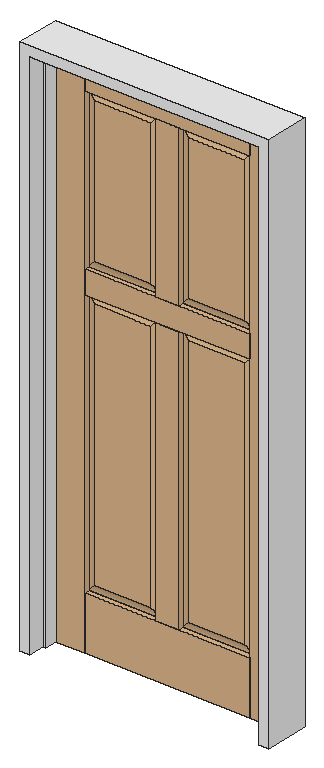
Revit family
Parameters (values of type "2 1/4" Raised Panel")
  URL = "http://www.karonadoor.com"
  Thickness Note = "Do not edit thickness."  # constant formula
  Thickness = 2.250"
  Swing Angle 2D = 90.00°
  SmartBIM Object Version = 1  # constant formula
  SmartBIM Object Created By = "Reed Construction Data"  # constant formula
  Rough Width = 0.000"
  Rough Height = 0.000"
  Panel = Panel_K5410_Karona : 2 1/4" - Raised Panel
  Model = "K5410 Square"  # constant formula
  Manufacturer = "Karona , Inc."  # constant formula
  Detail Door Thickness = 2.250"
  Assembly Code = ""
  Top Rail Height = 5.000"
  Top Rail = Wood, Cherry - Grain Horizontal
  Stile Width = 5.063"
  Stile = Wood, Cherry - Grain Vertical
  Sticking = Wood, Cherry - Grain Vertical
  Middle Rail = Wood, Cherry - Grain Horizontal
  Height = 84.000"
  Wall Closure = (empty or 0)
  Width = 36.000"
  Frame = Metal
  Bottom Rail Height = 8.500"
  Bottom Rail = Wood, Cherry - Grain Horizontal
  95 CSI = "08210"  # constant formula
  04 CSI = "08 14 33"  # constant formula
Types (9): name | Thickness | Rough Height | Panel | Detail Door Thickness
  1 3/4" Flat Panel | 1.774" | 1.750" | Panel_K5410_Karona : 1 3/4" - Flat Panel | 1.750"
  1 3/8" Flat Panel | 1.334" | 0.000" | Panel_K5410_Karona : 1 3/8" - Flat Panel | 1.375"
  2 1/4" Flat Panel | 2.250" | 0.000" | Panel_K5410_Karona : 2 1/4" - Flat Panel | 2.250"
  1 3/4" Glass Panel | 1.774" | 1.750" | Panel_K5410_Karona : 1 3/4" - Glass Panel | 1.750"
  1 3/8" Glass Panel | 1.334" | 0.000" | Panel_K5410_Karona : 1 3/8" - Glass Panel | 1.375"
  2 1/4" Glass Panel | 2.250" | 0.000" | Panel_K5410_Karona : 2 1/4" - Glass | 2.250"
  1 3/4" Raised Panel | 1.774" | 1.750" | Panel_K5410_Karona : 1 3/4" - Raised Panel | 1.750"
  1 3/8" Raised Panel | 1.334" | 0.000" | Panel_K5410_Karona : 1 3/8" - Raised Panel | 1.375"
  2 1/4" Raised Panel | 2.250" | 0.000" | Panel_K5410_Karona : 2 1/4" - Raised Panel | 2.250"
Reference planes (in)
  plane 1 "Center (Front/Back)": y = 0
  plane 2 "Center (Left/Right)": x = 0
  plane 3 "Left": x = -18
  plane 4 "Right": x = 18
  plane 5 "Top": z = 84
  plane 6 "Exterior Edge of Frame": y = 3.5
  plane 7 "Interior Edge of Frame": y = -3.5
  plane 8: y = 1
  plane 9: y = -1
  plane 10 "Opening Left": x = -19.5
  plane 11 "Opening Right": x = 19.5
  plane 12 "Top of Opening": z = 85.5
  plane 13: x = -17.5
Forms (in)
  Sweep 1, solid, material "Metal" <- "Frame"
    path origin (0, 0, 0) x (1, 0, 0) y (0, 0, 1)
      loop
        line (-19.5, 0) -> (-19.5, 85.5) -> (19.5, 85.5) -> (19.5, 0)
    profile origin (-19.5, 0, 42.75) x (-1, 0, 0) y (0, -1, 0)
      loop
        line (0, -3.5) -> (0, 3.5) -> (-1.5, 3.5) -> (-1.5, 1) -> (-2, 1) -> (-2, -1) -> (-1.5, -1) -> (-1.5, -3.5) -> (0, -3.5)
Lines and regions (in)
  Opening 1
    outline origin (-90, -3, 0) x (1, 0, 0) y (0, 0, 1)
      loop
        line (70.5, 0) -> (109.5, 0) -> (109.5, 85.5) -> (70.5, 85.5) -> (70.5, 0)
  symbolic lines, style "Elevation Swing"
    curve 1: line (18, 3, 0) -> (-18, 3, 42)
    curve 2: line (-18, 3, 42) -> (18, 3, 84)
Text (in)
  text "Exterior" at (-46.13199, 20.20143, 0), in view "Ref. Level"
  text "Interior" at (-46.13199, -10.56751, 0), in view "Ref. Level"
  text "Exterior" at (0, 40.15149, 123.01588), in view "Right"
  text "Interior" at (0, -64.39139, 123.01588), in view "Right"
  text "Interior" at (0, -31.01599, 123.00693), in view "Left"
  text "Exterior" at (0, 54.57065, 123.00693), in view "Left"
Dimensions and locks (in)
  "Height": level to plane 5 "Top"
  "Width": plane 3 "Left" to plane 4 "Right"
  equal spacing: host wall, curve 2, plane 5 "Top"
  locked: host wall to plane 7 "Interior Edge of Frame" at 0.5
  locked: plane 6 "Exterior Edge of Frame" to host wall at 0.5
  locked: plane 9 to plane 7 "Interior Edge of Frame" at 2.5
  locked: plane 6 "Exterior Edge of Frame" to plane 8 at 2.5
  equal spacing: plane 3 "Left", plane 2 "Center (Left/Right)", plane 4 "Right"
  locked: plane 4 "Right" to plane 11 "Opening Right" at 1.5
  locked: plane 5 "Top" to plane 12 "Top of Opening" at 1.5
  locked: plane 3 "Left" to plane 13 at 0.5
  locked: plane 10 "Opening Left" to plane 3 "Left" at 1.5
  aligned and locked: Opening 1 sketch curve to level
  aligned and locked: plane 4 "Right" to curve 1
  aligned and locked: plane 3 "Left" to curve 1
  aligned and locked: plane 5 "Top" to curve 2
  aligned and locked: Opening 1 sketch curve to plane 11 "Opening Right"
  aligned and locked: plane 12 "Top of Opening" to Opening 1 sketch curve
  aligned and locked: Opening 1 sketch curve to plane 10 "Opening Left"
  aligned and locked: plane 10 "Opening Left" to Sweep 1 sketch curve
  aligned and locked: plane 12 "Top of Opening" to Sweep 1 sketch curve
  aligned and locked: plane 11 "Opening Right" to Sweep 1 sketch curve
  aligned and locked: level to Sweep 1 sketch curve  (x2)
  aligned and locked: Sweep 1 sketch curve to plane 10 "Opening Left"
  aligned and locked: Sweep 1 sketch curve to plane 6 "Exterior Edge of Frame"
  aligned and locked: Sweep 1 sketch curve to plane 7 "Interior Edge of Frame"
  aligned and locked: Sweep 1 sketch curve to plane 8
  aligned and locked: Sweep 1 sketch curve to plane 9
  aligned and locked: plane 13 to Sweep 1 sketch curve
  aligned and locked: plane 3 "Left" to Sweep 1 sketch curve  (x2)
  aligned and locked: nested 1 to plane 2 "Center (Left/Right)"
  aligned and locked: nested 1 to plane 8
  aligned and locked: nested 2 to plane 3 "Left"
  aligned and locked: nested 2 to plane 8
Automatic sketch dimensions
  curve 1 to level = 0.000"
  curve 2 to plane 4 "Right" = 0.000"
Nested families (in)
  nested 1: "Panel_K5410_Karona" at (-13.5, 0.8935, 0) x (-1, 0, 0) z (0, 0, 1), type <- "Panel", type "2 1/4" - Raised Panel"
  nested 2: "Door Panel Plan View" at (-31.5, 1, 0) x (-1, 0, 0) z (0, 0, 1), type "Door Panel Plan View"
    with Thickness 2.250", Height 84.000"
Definition of nested family "Panel_K5410_Karona"
  Parameters (values of type "1 3/4" - Raised Panel")
    Width = 36.000"
    Top Rail Material = Wood, Cherry - Grain Horizontal
    Top Rail Height = 5.000"
    Top Panel Offset = 16.542"
    Thickness Note = "Do not change door thickness"  # constant formula
    Thickness = 1.774"
    Stile Width = 5.063"
    Stile Material = Wood, Cherry - Grain Vertical
    Sticking Material = Wood, Cherry - Grain Vertical
    Panel Width = (Width - ((2 * Stile Width) + Mullion Width)) / 2  # 11.1245"
    Panel Height = Height - (Top Rail Height + Bottom Height)  # 41.000"
    Panel = Glass-Sticking-Assembly-Square_Karona : Raised Panel
    Mullion Width = 3.625"  # constant formula
    Middle Panel Height = Height - (2 * Panel Height + Top Rail Height + Bottom Rail Height + 2 * Mullion Width)  # -9.250"
    Lock Rail Height = 3.625"
    Interior Panel = Wood, Cherry - Grain Vertical
    Height = 100.000"
    Exterior Edge - Glass Bottom Offset = if(Thickness = 1.774", 0.567", if(Thickness = 2.250", 0.803", 0.469"))  # 0.567"
    Door Panel Material = Wood, Cherry - Grain Vertical
    Default Elevation = 0.000"  # constant formula
    Bottom Rail Material = Wood, Cherry - Grain Horizontal
    Bottom Rail Height = 15.000"
    Bottom Panel Height = Bottom Height - (Mullion Width + Bottom Rail Height)  # 35.375"
    Bottom Height = 54.000"
    Assembly Code = ""
  Types (9): name | Top Panel Offset | Thickness | Panel Height | Panel | Middle Panel Height | Interior Panel | Height | Exterior Edge - Glass Bottom Offset | Bottom Rail Height | Bottom Panel Height
    2 1/4" - Flat Panel | 14.875" | 2.250" | 25.000" | Glass-Sticking-Assembly-Square_Karona : Flat Panel | 13.250" | Wood, Cherry - Grain Vertical | 84.000" | 0.803" | 8.500" | 41.875"
    2 1/4" - Glass | 14.875" | 2.250" | 25.000" | Glass-Sticking-Assembly-Square_Karona : Glass Panel | 13.250" | Glass | 84.000" | 0.803" | 8.500" | 41.875"
    2 1/4" - Raised Panel | 14.875" | 2.250" | 25.000" | Glass-Sticking-Assembly-Square_Karona : Raised Panel | 13.250" | Wood, Cherry - Grain Vertical | 84.000" | 0.803" | 8.500" | 41.875"
    1 3/4" - Raised Panel | 16.542" | 1.774" | 41.000" | Glass-Sticking-Assembly-Square_Karona : Raised Panel | -9.250" | Wood, Cherry - Grain Vertical | 100.000" | 0.567" | 15.000" | 35.375"
    1 3/4" - Flat Panel | 14.875" | 1.774" | 25.000" | Glass-Sticking-Assembly-Square_Karona : Flat Panel | 13.250" | Wood, Cherry - Grain Vertical | 84.000" | 0.567" | 8.500" | 41.875"
    1 3/4" - Glass Panel | 14.875" | 1.774" | 25.000" | Glass-Sticking-Assembly-Square_Karona : Glass Panel | 13.250" | Glass | 84.000" | 0.567" | 8.500" | 41.875"
    1 3/8" - Raised Panel | 14.875" | 1.334" | 25.000" | Glass-Sticking-Assembly-Square_Karona : Raised Panel | 13.250" | Wood, Cherry - Grain Vertical | 84.000" | 0.469" | 8.500" | 41.875"
    1 3/8" - Glass Panel | 14.875" | 1.334" | 25.000" | Glass-Sticking-Assembly-Square_Karona : Glass Panel | 13.250" | Glass | 84.000" | 0.469" | 8.500" | 41.875"
    1 3/8" - Flat Panel | 14.875" | 1.334" | 25.000" | Glass-Sticking-Assembly-Square_Karona : Flat Panel | 13.250" | Wood, Cherry - Grain Vertical | 84.000" | 0.469" | 8.500" | 41.875"
  Reference planes (in)
    plane 1 "Center (Front/Back)": y = 1.2295
    plane 2: z = 0
    plane 3 "Center (Left/Right)": x = -13.5
    plane 4 "Left": x = -31.5
    plane 5: x = 4.5
    plane 6 "Inner Left": x = -26.437
    plane 7 "Inner Right": x = -0.563
    plane 8 "Bottom Of Top Rail": z = 95
    plane 9 "Top": z = 100
    plane 10 "Interior Edge of Door": y = 2.1165
    plane 11: z = 95
    plane 12 "Exterior Edge of Door": y = 0.3425
    plane 13 "Bottom of Glass": y = 0.9095
    plane 14 "Left Panel Vertical Midline": x = -13.5
    plane 15: z = 54
    plane 16: z = 50.375
    plane 17: z = 15
    plane 18: z = 74.5
    plane 19: z = 32.6875
    plane 20: z = 52.1875
    plane 21: x = -11.6875
    plane 22: x = -20.87475
    plane 23: x = -6.12525
    plane 24: x = -15.3125
  Forms (in)
    Extrusion 1, solid, material "Wood, Cherry - Grain Horizontal" <- "Bottom Rail Material"
      sketch origin (0, -101.3125, 0) x (1, 0, 0) y (0, 0, 1)
        loop
          line (-26.437, 0) -> (-0.563, 0) -> (-0.563, 15) -> (-26.437, 15) -> (-26.437, 0)
      from -103.429 to -101.655
    Extrusion 2, solid, material "Wood, Cherry - Grain Vertical" <- "Stile Material"
      sketch origin (0, 1.2295, 0) x (1, 0, 0) y (0, 0, 1)
        loop
          line (-31.5, 100) -> (-31.5, 0) -> (-26.437, 0) -> (-26.437, 100) -> (-31.5, 100)
        loop
          line (-0.563, 0) -> (4.5, 0) -> (4.5, 100) -> (-0.563, 100) -> (-0.563, 0)
      from -0.887 to 0.887
    Extrusion 3, solid, material "Wood, Cherry - Grain Horizontal" <- "Top Rail Material"
      sketch origin (0, 1.2295, 0) x (1, 0, 0) y (0, 0, 1)
        loop
          line (-26.437, 100) -> (-26.437, 95) -> (-0.563, 95) -> (-0.563, 100) -> (-26.437, 100)
      from -0.887 to 0.887
    Extrusion 4, solid, material "Wood, Cherry - Grain Horizontal" <- "Top Rail Material"
      sketch origin (0, 1.2295, 0) x (1, 0, 0) y (0, 0, 1)
        loop
          line (-26.437, 50.375) -> (-0.563, 50.375) -> (-0.563, 54) -> (-26.437, 54) -> (-26.437, 50.375)
      from -0.887 to 0.887
    Extrusion 5, solid, material "Wood, Cherry - Grain Vertical" <- "Door Panel Material"
      sketch origin (0, 1.2295, 0) x (1, 0, 0) y (0, 0, 1)
        loop
          line (-15.3125, 95) -> (-15.3125, 54) -> (-11.6875, 54) -> (-11.6875, 95) -> (-15.3125, 95)
        loop
          line (-15.3125, 50.375) -> (-15.3125, 15) -> (-11.6875, 15) -> (-11.6875, 50.375) -> (-15.3125, 50.375)
      from -0.887 to 0.887
  Text (in)
    text "EXTERIOR" at (-34.59289, -1.27941, 0), in view "Ref. Level"
    text "EXTERIOR" at (0, -9.65287, 72.76687), in view "Left"
    text "EXTERIOR" at (0, -33.33473, 96.68074), in view "Right"
  Dimensions and locks (in)
    equal spacing: plane 4 "Left", plane 3 "Center (Left/Right)", plane 5
    "Width": plane 4 "Left" to plane 5
    "Stile Width": plane 4 "Left" to plane 6 "Inner Left"
    "Stile Width": plane 5 to plane 7 "Inner Right"
    "Top Rail Height": plane 9 "Top" to plane 8 "Bottom Of Top Rail"
    "Height": plane 9 "Top" to plane 2
    equal spacing: plane 10 "Interior Edge of Door", plane 1 "Center (Front/Back)", plane 12 "Exterior Edge of Door"
    "Thickness": plane 10 "Interior Edge of Door" to plane 12 "Exterior Edge of Door"
    "Exterior Edge - Glass Bottom Offset": plane 13 "Bottom of Glass" to plane 12 "Exterior Edge of Door"
    "Exterior Edge - Glass Bottom Offset": plane 12 "Exterior Edge of Door" to plane 13 "Bottom of Glass"
    "Bottom Rail Height": plane 17 to level
    equal spacing: plane 11, plane 18, plane 15
    equal spacing: plane 7 "Inner Right", plane 23, plane 21
    equal spacing: plane 24, plane 22, plane 6 "Inner Left"
    "Mullion Width": plane 21 to plane 24
    "Mullion Width": plane 15 to plane 16
    equal spacing: plane 15, plane 20, plane 16
    "Bottom Height": plane 15 to level
    equal spacing: plane 16, plane 19, plane 17
    aligned and locked: Extrusion 1 to plane 2
    aligned and locked: plane 10 "Interior Edge of Door" to Extrusion 1
    aligned and locked: plane 4 "Left" to Extrusion 2 sketch curve
    aligned and locked: Extrusion 2 sketch curve to plane 9 "Top"
    aligned and locked: Extrusion 2 sketch curve to Extrusion 1  (x3)
    aligned and locked: Extrusion 1 to Extrusion 2 sketch curve
    aligned and locked: plane 9 "Top" to Extrusion 2 sketch curve
    aligned and locked: plane 5 to Extrusion 2 sketch curve
    aligned and locked: plane 10 "Interior Edge of Door" to Extrusion 2
    aligned and locked: Extrusion 2 to Extrusion 3 sketch curve
    aligned and locked: Extrusion 3 sketch curve to Extrusion 2
    aligned and locked: plane 10 "Interior Edge of Door" to Extrusion 3
    aligned and locked: plane 11 to plane 8 "Bottom Of Top Rail"
    aligned and locked: level to plane 2
    aligned and locked: Extrusion 3 to plane 12 "Exterior Edge of Door"
    aligned and locked: Extrusion 3 to plane 10 "Interior Edge of Door"
    aligned and locked: Extrusion 2 to plane 12 "Exterior Edge of Door"
    aligned and locked: Extrusion 3 to plane 11
    aligned and locked: Extrusion 1 to Extrusion 2
    aligned and locked: nested 1 to plane 1 "Center (Front/Back)"
    aligned and locked: Extrusion 4 sketch curve to plane 6 "Inner Left"
    aligned and locked: Extrusion 4 sketch curve to plane 7 "Inner Right"
    aligned and locked: plane 10 "Interior Edge of Door" to Extrusion 4
    aligned and locked: Extrusion 4 to plane 12 "Exterior Edge of Door"
    aligned and locked: nested 3 to plane 19
    aligned and locked: nested 4 to plane 18
    aligned and locked: plane 1 "Center (Front/Back)" to nested 3
    aligned and locked: plane 1 "Center (Front/Back)" to nested 4
    aligned and locked: nested 4 to plane 23
    aligned and locked: plane 24 to Extrusion 5 sketch curve  (x2)
    aligned and locked: Extrusion 5 sketch curve to plane 21  (x2)
    aligned and locked: Extrusion 5 sketch curve to plane 11
    aligned and locked: Extrusion 5 sketch curve to plane 17
    aligned and locked: plane 10 "Interior Edge of Door" to Extrusion 5
    aligned and locked: Extrusion 5 to plane 12 "Exterior Edge of Door"
    aligned and locked: plane 18 to nested 2
    aligned and locked: nested 3 to plane 23
    aligned and locked: plane 22 to nested 1
    aligned and locked: plane 19 to nested 1
    aligned and locked: plane 17 to Extrusion 1
    aligned and locked: plane 22 to nested 2
  Automatic sketch dimensions
    Extrusion 1 sketch curve to plane 6 "Inner Left" = 0.000"
    Extrusion 1 sketch curve to plane 7 "Inner Right" = 0.000"
    Extrusion 1 sketch curve to level = 0.000"
    Extrusion 3 sketch curve to plane 7 "Inner Right" = 0.000"
    plane 8 "Bottom Of Top Rail" to Extrusion 3 sketch curve = 0.000"
    level to Extrusion 1 sketch curve = 15.000"
    Extrusion 4 sketch curve to plane 16 = 0.000"
    Extrusion 5 sketch curve to plane 16 = 0.000"
    Extrusion 4 sketch curve to plane 15 = 0.000"
    Extrusion 5 sketch curve to plane 15 = 0.000"
  Nested families (in)
    nested 1: "Glass-Sticking-Assembly-Square_Karona" at (-21.3435, 1.38, 15), Width <- "Panel Width", Height <- "Bottom Panel Height", type <- "Panel", type "Raised Panel"
      with Width 11.1245", Height 35.375"
    nested 2: "Glass-Sticking-Assembly-Square_Karona" at (-21.3435, 1.382, 54), Width <- "Panel Width", Height <- "Panel Height", type <- "Panel", type "Raised Panel"
      with Width 11.1245", Height 41.000"
    nested 3: "Glass-Sticking-Assembly-Square_Karona" at (-5.6565, 1.38, 15) x (-1, 0, 0) z (0, 0, 1), Width <- "Panel Width", Height <- "Bottom Panel Height", type <- "Panel", type "Raised Panel"
      with Width 11.1245", Height 35.375"
    nested 4: "Glass-Sticking-Assembly-Square_Karona" at (-5.6565, 1.38, 54) x (-1, 0, 0) z (0, 0, 1), Width <- "Panel Width", Height <- "Panel Height", type <- "Panel", type "Raised Panel"
      with Width 11.1245", Height 41.000"
  Definition of nested family "Glass-Sticking-Assembly-Square_Karona"
    Parameters (values of type "Glass Panel")
      Width [instance] = 19.000"
      Stop Adjustment = if(and(not(Glass Panel), Door Thickness = 1.774"), 0.513", if(and(not(Glass Panel), Door Thickness = 2.250"), 0.513", if((Glass Panel), 0.125", 0.273")))  # 0.125"
      Profile = Wood, Cherry - Grain Vertical
      Height [instance] = 23.000"
      Raised Panel = no
      Interior Panel = Wood, Cherry - Grain Vertical
      Glass Panel = yes
      Door Thickness = 1.774"
      C = if(Glass Panel, 0.125", if(Door Thickness = 1.774", 0.200", if(Door Thickness = 2.250", 0.439", 0.191")))  # 0.125"
      B = if(Door Thickness = 1.774", 0.567", if(Door Thickness = 2.250", 0.803", 0.469"))  # 0.567"
      Assembly Code = ""
      A = if(Door Thickness = 1.774", 0.197", if(Door Thickness = 2.250", 0.433", 0.194"))  # 0.197"
    Types (3): name | Width | Stop Adjustment | Raised Panel | Glass Panel | C
      Glass Panel | 19.000" | 0.125" | no | yes | 0.125"
      Flat Panel | 4.500" | 0.513" | no | no | 0.200"
      Raised Panel | 4.000" | 0.513" | yes | no | 0.200"
    Reference planes (in)
      plane 1 "Stop Adjustment Edge": y = -0.3455
      plane 2: z = 0
      plane 3 "Center (Left/Right)": x = 0.46875
      plane 4 "Back": y = 0.7365
      plane 5 "Front": y = -1.0375
      plane 6 "Left": x = -9.03125
      plane 7 "Right": x = 9.96875
      plane 8 "Top": z = 23
      plane 9 "Center (Up/Down)": z = 11.5
      plane 10 "Bottom of Stop": y = -0.2205
      plane 11 "Bottom of Glass": y = -0.4705
      plane 12 "Right Edge of Glass": x = 10.35675
      plane 13 "Left Edge of Glass": x = -9.41925
      plane 14 "Top Edge of Glass": z = 23.34425
      plane 15 "Bottom Edge of Glass": z = -0.34425
      plane 16 "A": y = -0.8405
      plane 17 "C": y = 0.6115
      plane 18: z = 0.438
      plane 19: z = 22.562
      plane 20: x = -8.59325
      plane 21: x = 9.53075
      plane 22 "Center (Front/Back)": y = -0.1505
      plane 23: x = -9.46925
      plane 24: x = 10.40675
      plane 25: z = 23.438
      plane 26: z = -0.438
    Forms (in)
      Extrusion 1, solid, material "Wood, Cherry - Grain Vertical" <- "Interior Panel"
        sketch origin (0, 0, 0) x (1, 0, 0) y (0, 1, 0)
          loop
            line (-9.41925, -0.2205) -> (-9.41925, -0.4705) -> (10.35675, -0.4705) -> (10.35675, -0.2205) -> (-9.41925, -0.2205)
        from -0.34425 to 23.34425
      Extrusion 2, solid, material "Wood, Cherry - Grain Vertical" <- "Profile", visible <- "Raised Panel"
        sketch origin (0, 0, 0) x (1, 0, 0) y (0, 1, 0)
          loop
            line (9.96875, 0.6115) -> (-9.03125, 0.6115) -> (-9.03125, -0.2205) -> (9.96875, -0.2205) -> (9.96875, 0.6115)
          loop
            line (-9.03125, -0.4705) -> (-9.03125, -0.8405) -> (9.96875, -0.8405) -> (9.96875, -0.4705) -> (-9.03125, -0.4705)
        from 0 to 23
      Sweep 3, void
        path origin (0, -0.2205, 0) x (-1, 0, 0) y (0, 0, 1)
          loop
            line (9.46925, -0.438) -> (9.46925, 23.438) -> (-10.40675, 23.438) -> (-10.40675, -0.438) -> (9.46925, -0.438)
        profile "Profile : 05" origin (-9.46925, -0.2205, 11.5) x (1, 0, 0) y (0, 1, 0)
          loop
            line (0, 0.05) -> (0.36169, 0.05096)
            arc (0.36169, 0.05096) -> (1.01257, 0.13642) -> (1.61934, 0.387) r 2.52143
            line (1.61934, 0.387) -> (0, 0.387) -> (0, 0.05)
      Sweep 4, void
        path origin (0, -0.4705, 0) x (-1, 0, 0) y (0, 0, 1)
          loop
            line (-10.40675, 23.438) -> (-10.40675, -0.438) -> (9.46925, -0.438) -> (9.46925, 23.438) -> (-10.40675, 23.438)
        profile "Profile : 05" origin (10.40675, -0.4705, 11.5) x (-1, 0, 0) y (0, 1, 0)
          loop
            line (0, -0.05) -> (0, -0.387) -> (1.61934, -0.387)
            arc (1.61934, -0.387) -> (1.01257, -0.13642) -> (0.36169, -0.05096) r 2.52143
            line (0.36169, -0.05096) -> (0, -0.05)
    Cuts and joins
      Sweep 3, Sweep 4 cuts Extrusion 2
    Text (in)
      text "INTERIOR" at (-14.3788, 3.49864, 0), in view "Ref. Level"
    Dimensions and locks (in)
      equal spacing: plane 6 "Left", plane 3 "Center (Left/Right)", plane 7 "Right"
      "Width": plane 6 "Left" to plane 7 "Right"
      "Door Thickness": plane 4 "Back" to plane 5 "Front"
      "Height": plane 8 "Top" to plane 2
      equal spacing: plane 8 "Top", plane 9 "Center (Up/Down)", level
      locked: plane 1 "Stop Adjustment Edge" to plane 11 "Bottom of Glass" at 0.125
      "Stop Adjustment": plane 10 "Bottom of Stop" to plane 1 "Stop Adjustment Edge"
      locked: plane 7 "Right" to plane 12 "Right Edge of Glass" at 0.388
      locked: plane 14 "Top Edge of Glass" to plane 8 "Top" at 0.34425
      locked: level to plane 15 "Bottom Edge of Glass" at 0.34425
      locked: plane 13 "Left Edge of Glass" to plane 6 "Left" at 0.388
      "B": plane 5 "Front" to plane 11 "Bottom of Glass"
      "A": plane 5 "Front" to plane 16 "A"
      "C": plane 17 "C" to plane 4 "Back"
      locked: plane 18 to level at 0.438
      locked: plane 8 "Top" to plane 19 at 0.438
      locked: plane 6 "Left" to plane 20 at 0.438
      locked: plane 21 to plane 7 "Right" at 0.438
      equal spacing: plane 4 "Back", plane 22 "Center (Front/Back)", plane 5 "Front"
      locked: plane 23 to plane 13 "Left Edge of Glass" at 0.05
      locked: plane 12 "Right Edge of Glass" to plane 24 at 0.05
      locked: plane 25 to plane 14 "Top Edge of Glass" at 0.09375
      locked: plane 15 "Bottom Edge of Glass" to plane 26 at 0.09375
      aligned and locked: Extrusion 1 sketch curve to plane 13 "Left Edge of Glass"
      aligned and locked: Extrusion 1 sketch curve to plane 10 "Bottom of Stop"
      aligned and locked: Extrusion 1 sketch curve to plane 11 "Bottom of Glass"
      aligned and locked: Extrusion 1 sketch curve to plane 12 "Right Edge of Glass"
      aligned and locked: plane 14 "Top Edge of Glass" to Extrusion 1
      aligned and locked: Extrusion 1 to plane 15 "Bottom Edge of Glass"
      aligned and locked: Extrusion 2 sketch curve to plane 17 "C"
      aligned and locked: Extrusion 2 sketch curve to plane 10 "Bottom of Stop"
      aligned and locked: Extrusion 2 sketch curve to plane 11 "Bottom of Glass"
      aligned and locked: Extrusion 2 sketch curve to plane 16 "A"
      aligned and locked: plane 25 to Sweep 4 sketch curve
      aligned and locked: Sweep 4 sketch curve to plane 23
      aligned and locked: plane 24 to Sweep 4 sketch curve
      aligned and locked: Sweep 4 sketch curve to plane 26
      aligned and locked: plane 25 to Sweep 3 sketch curve
      aligned and locked: plane 24 to Sweep 3 sketch curve
      aligned and locked: Sweep 3 sketch curve to plane 23
      aligned and locked: Sweep 3 sketch curve to plane 26
      aligned and locked: plane 6 "Left" to Extrusion 2 sketch curve  (x2)
      aligned and locked: plane 7 "Right" to Extrusion 2 sketch curve  (x2)
      aligned and locked: plane 8 "Top" to Extrusion 2
      aligned and locked: Extrusion 2 to level
Definition of nested family "Door Panel Plan View"
  Parameters (values of type "Door Panel Plan View")
    Width = 36.000"
    Thickness = 2.000"
    Swing Angle 2D = 90.00°
    Height = 0.000"
    Assembly Code = ""
  Reference planes (in)
    plane 1 "Center (Front/Back)": y = 0
    plane 2: z = 0
    plane 3 "Center (Left/Right)": x = -13.5
  Lines and regions (in)
    symbolic lines, style "DoorsPanelProjection"
      curve 1: line (-13.5, 0, 0) -> (-13.5, 36, 0)
      curve 2: line (-15.5, 0, 0) -> (-15.5, 36, 0)
      curve 3: line (-13.5, 0, 0) -> (-15.5, 0, 0)
      curve 4: line (-13.5, 36, 0) -> (-15.5, 36, 0)
    symbolic lines, style "Plan Swing"
      curve 5: arc (-13.5, 36, 0) -> (-38.95584, 25.45584, 0) -> (-49.5, 0, 0) r 36
  Dimensions and locks (in)
    "Width": curve 4 to curve 3
    "Thickness": curve 1 to curve 2
    "Swing Angle 2D": angle curve 1 to plane 1 "Center (Front/Back)"
    aligned and locked: plane 1 "Center (Front/Back)" to curve 5
  Automatic sketch dimensions
    curve 3 to plane 1 "Center (Front/Back)" = 0.000"
    curve 5 to plane 3 "Center (Left/Right)" = 0.000"
    curve 3 to plane 3 "Center (Left/Right)" = 0.000"
